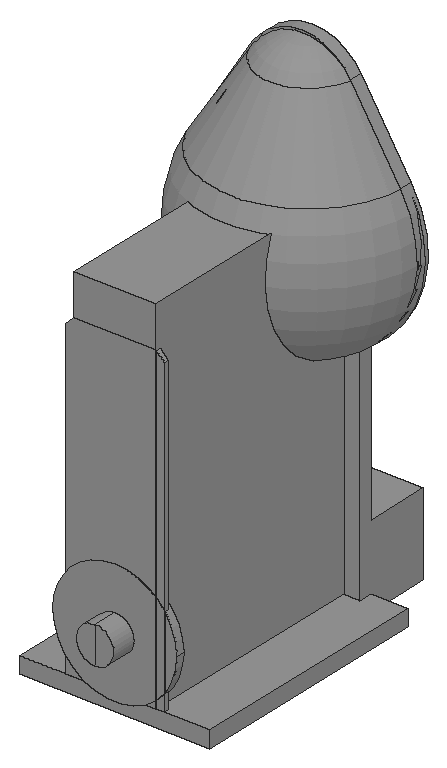
Revit family "Toilet-Willoughby-1490-BS-HET-ETF-FM", category Plumbing Fixtures, host Face, Revit 2014
Parameters (values of type "Standard")
  Waste DIA = 2 1/4"
  Waste Connection = yes
  W-RAD [instance] = Waste DIA / 2  # 0' - 1 1/8"
  Vent Connection = no
  URL = "www.willoughby-ind.com"
  Type Comments = ""
  Revision = "A"
  Model = "ETF-1490-BS-HET-FM"
  Manufacturer = "Willoughby Industries"
  HW Connection = no
  Flush inlet DIA = 1 1/2"
  Fixture Body = Stainless Steel AISI 304-Willoughby
  F-RAD [instance] = Flush inlet DIA / 2  # 0' - 0 3/4"
  Description = "Floor Mounted Toilet"
  Default Elevation = 0' - 0"
  Contact Number = "(800) 428-4065"
  CW Connection = yes
Reference planes (in)
  plane 1 "Base": y = -16.25
  plane 2: z = 0
  plane 3 "Center": x = 18.31072
  plane 4 "Waste height": y = -4.75
  plane 5: y = -1.25
  plane 6: z = -6.75
  plane 7: y = -2.125
  plane 8: y = -14.0625
  plane 9: y = 0.5
  plane 10: x = 16.56072
  plane 11: x = 20.06072
  plane 12: x = 11.56072
  plane 13: x = 25.06072
  plane 14: z = 23
  plane 15: z = 30.75
  plane 16: x = 15.81072
  plane 17: x = 20.81072
  plane 18: x = 15.81072
  plane 19: x = 20.81072
  plane 20: z = 4.25
  plane 21: x = 12.56072
  plane 22: x = 24.06072
  plane 23: y = 2.75
Forms (in)
  Extrusion 1, solid, material "Stainless Steel AISI 304-Willoughby" <- "Fixture Body"
    sketch origin (16.08109, 7.47968, -2.20225) x (-1, 0, 0) y (0, 0, -1)
      loop
        line (1.29775, -16.80087) -> (1.29775, -3.20225) -> (-5.72963, -3.20225) -> (-5.72963, -16.81676)
        arc (-5.72963, -16.81676) -> (-8.98136, -21.11843) -> (-8.21015, -26.45542) r 7
        line (-8.21015, -26.45542) -> (-5.16818, -31.31054)
        arc (-5.16818, -31.31054) -> (-2.20225, -32.95225) -> (0.76368, -31.31054) r 3.5
        line (0.76368, -31.31054) -> (3.80565, -26.45542)
        arc (3.80565, -26.45542) -> (4.5729, -21.10311) -> (1.29775, -16.80087) r 7
      loop
        arc (2.03989, -24.70557) -> (-2.20225, -18.23804) -> (-6.44438, -24.70557) r 4.625
        line (-6.44438, -24.70557) -> (-4.04125, -30.23842)
        arc (-4.04125, -30.23842) -> (-2.20225, -31.45225) -> (-0.36324, -30.23842) r 2
        line (-0.36324, -30.23842) -> (2.03989, -24.70557)
    from 8.72968 to 9.5
  Revolve 2, solid, material "Stainless Steel AISI 304-Willoughby" <- "Fixture Body"
    sketch origin (19.37246, -1.52032, 1.00169) x (-1, 0, 0) y (0, 0, -1)
      loop
        line (1.06174, -12.59906) -> (1.06174, -12.84906)
        arc (1.06174, -12.84906) -> (6.91177, -17.54136) -> (5.58904, -24.92315) r 7.34171
        line (5.58904, -24.92315) -> (3.81535, -27.91457)
        arc (3.81535, -27.91457) -> (2.63527, -29.03194) -> (1.06174, -29.43826) r 3.25
        line (1.06174, -29.43826) -> (1.06174, -29.68826)
        arc (1.06174, -29.68826) -> (2.75672, -29.25045) -> (4.02767, -28.04656) r 3.5
        line (4.02767, -28.04656) -> (7.06964, -23.19143)
        arc (7.06964, -23.19143) -> (7.15052, -16.14555) -> (1.06174, -12.59906) r 7
      axis (1.06174, -12.59906) -> (1.06174, -29.68826)
    angle from 0 to -180
  Extrusion 3, solid, material "Stainless Steel AISI 304-Willoughby" <- "Fixture Body"
    sketch origin (19.53334, -3.02032, -4.9508) x (0, 1, 0) y (0, 0, 1)
      loop
        line (-4.42257, 4.9508) -> (1.02643, 4.9508) -> (1.02643, 18.97156)
        arc (1.02643, 18.97156) -> (-2.31062, 20.32275) -> (-4.42257, 23.23845) r 6.52287
        line (-4.42257, 23.23845) -> (-4.42257, 4.9508)
    from 1.27686 to -3.72262
  Extrusion 4, solid, material "Stainless Steel AISI 304-Willoughby" <- "Fixture Body"
    sketch origin (18.31072, 0, -1) x (0, 1, 0) y (0, 0, 1)
      loop
        line (-1.25, 1) -> (2.75, 1) -> (2.75, 6) -> (-1.25, 6) -> (-1.25, 1)
    from -3.52738 to 3.5
  Extrusion 5, solid, material "Stainless Steel AISI 304-Willoughby" <- "Fixture Body"
    sketch origin (0, 0, 0) x (1, 0, 0) y (0, 1, 0)
      loop
        circle (18.31072, 0.5) r 0.75
    from -2.46088 to 1
  Extrusion 6, solid, material "Stainless Steel AISI 304-Willoughby" <- "Fixture Body"
    sketch origin (0, -16.25, 0) x (1, 0, 0) y (0, 0, 1)
      loop
        line (24.06072, 0) -> (24.06072, 1) -> (12.56072, 1) -> (12.56072, 0) -> (24.06072, 0)
    from -15 to 0
  Extrusion 7, solid, material "Stainless Steel AISI 304-Willoughby" <- "Fixture Body"
    sketch origin (0, -16.25, 0) x (1, 0, 0) y (0, 0, 1)
      loop
        line (20.81072, 0) -> (20.81072, 23) -> (15.81072, 23) -> (15.81072, 0) -> (20.81072, 0)
    from 0 to -8.80711
  Revolve 8, solid, material "Stainless Steel AISI 304-Willoughby" <- "Fixture Body"
    sketch origin (18.31072, 0, 0) x (0, 1, 0) y (0, 0, 1)
      loop
        line (-17.75, 4.25) -> (-14.75, 4.25) -> (-14.75, 5.375) -> (-17.75, 5.375) -> (-17.75, 4.25)
      axis (-14.75, 4.25) -> (-17.75, 4.25)
    angle from 0 to 360
  Extrusion 9, solid, material "Stainless Steel AISI 304-Willoughby" <- "Fixture Body"
    sketch origin (0, -16.25, 0) x (1, 0, 0) y (0, 0, 1)
      loop
        circle (18.31072, 4.25) r 3.75
    from 0 to -0.5
  Extrusion 10, solid, material "Stainless Steel AISI 304-Willoughby" <- "Fixture Body"
    sketch origin (0, -16.25, 0) x (1, 0, 0) y (0, 0, 1)
      loop
        line (20.81072, 1) -> (21.31072, 1) -> (21.31072, 20) -> (20.81072, 20.5) -> (15.81072, 20.5) -> (15.31072, 20) -> (15.31072, 1) -> (15.81072, 1) -> (20.81072, 1)
    from 0 to -0.25
Cuts and joins
  joined: Extrusion 1, Extrusion 3, Extrusion 4, Extrusion 6, Extrusion 7
Lines and regions (in)
  symbolic lines
    curve 1: line (11.28334, -2.02032, 0) -> (11.28334, -1.25, 0)
    curve 2: line (11.28334, -1.25, 0) -> (25.28334, -1.25, 0)
    curve 3: line (25.28334, -1.25, 0) -> (25.28334, -2.02032, 0)
    curve 4: arc (25.28334, -2.02032, 0) -> (23.08023, -6.64742, 0) -> (18.31072, -8.52239, 0) r 6.97935
    curve 5: arc (18.31072, -8.52239, 0) -> (13.52631, -6.64474, 0) -> (11.28334, -2.02032, 0) r 7.05911
    curve 6: line (14.78334, -1.25, 0) -> (14.78334, 2.75, 0)
    curve 7: line (14.78334, 2.75, 0) -> (21.81072, 2.75, 0)
    curve 8: line (21.81072, 2.75, 0) -> (21.81072, -1.25, 0)
    curve 9: line (24.06072, -5.51283, 0) -> (24.06072, -16.25, 0)
    curve 10: line (24.06072, -16.25, 0) -> (12.56072, -16.25, 0)
    curve 11: line (12.56072, -16.25, 0) -> (12.56072, -5.54455, 0)
    curve 12: line (15.81072, -8.0612, 0) -> (15.81072, -16.25, 0)
    curve 13: line (20.81072, -8.06296, 0) -> (20.81072, -16.25, 0)
    curve 14: line (20.81072, -15.75, 0) -> (22.06072, -15.75, 0)
    curve 15: line (22.06072, -15.75, 0) -> (22.06072, -16.25, 0)
    curve 16: line (15.81072, -15.75, 0) -> (14.56072, -15.75, 0)
    curve 17: line (14.56072, -15.75, 0) -> (14.56072, -16.25, 0)
    curve 18: line (12.56072, -16.25, 0) -> (24.06072, -16.25, 0)
    curve 19: line (24.06072, -16.25, 0) -> (24.06072, -16.25, 1)
    curve 20: line (24.06072, -16.25, 1) -> (21.81072, -16.25, 1)
    curve 21: line (21.81072, -16.25, 1) -> (21.81072, -16.25, 14.61451)
    curve 22: arc (21.81072, -16.25, 14.61451) -> (25.08081, -16.25, 18.91146) -> (24.29124, -16.25, 24.25317) r 6.95555
    curve 23: line (24.29124, -16.25, 24.25317) -> (21.24927, -16.25, 29.1083)
    curve 24: arc (21.24927, -16.25, 29.1083) -> (18.28334, -16.25, 30.75) -> (15.31741, -16.25, 29.1083) r 3.5
    curve 25: line (15.31741, -16.25, 29.1083) -> (12.34391, -16.25, 24.26096)
    curve 26: arc (12.34391, -16.25, 24.26096) -> (11.52805, -16.25, 18.91587) -> (14.78334, -16.25, 14.59862) r 6.9627
    curve 27: line (14.78334, -16.25, 14.59862) -> (14.78334, -16.25, 1)
    curve 28: line (14.78334, -16.25, 1) -> (12.56072, -16.25, 1)
    curve 29: line (12.56072, -16.25, 1) -> (12.56072, -16.25, 0)
    curve 37: line (18.31072, -16.25, 0) -> (18.31072, 2.75, 0)
    curve 38: line (18.31072, 2.75, 0) -> (18.31072, 2.75, 5)
    curve 39: line (18.31072, 2.75, 5) -> (18.31072, -1.25, 5)
    curve 40: line (18.31072, -1.25, 5) -> (18.31072, -1.25, 30.75)
    curve 41: line (18.31072, -1.25, 30.75) -> (18.31072, -2.02032, 30.75)
    curve 42: arc (18.31072, -2.02032, 30.75) -> (18.31072, -3.4903, 30.1181) -> (18.31072, -4.54553, 28.91533) r 3.62821
    curve 43: line (18.31072, -4.54553, 28.91533) -> (18.31072, -7.52822, 24.19312)
    curve 44: arc (18.31072, -7.52822, 24.19312) -> (18.31072, -7.8519, 23.61251) -> (18.31072, -8.11014, 23) r 6.06988
    curve 45: line (18.31072, -7.58737, 23) -> (18.31072, -16.25, 23)
    curve 46: line (18.31072, -16.25, 23) -> (18.31072, -16.25, 0)
    curve 47: line (18.31072, -16.25, 1) -> (18.31072, -2.02032, 1)
    curve 48: line (18.31072, -2.02032, 1) -> (18.31072, -2.02032, 14.59862)
    curve 49: line (18.31072, -2.02032, 14.59862) -> (18.31072, -1.25, 14.59862)
    curve 50: arc (18.31072, -2.02032, 14.0236) -> (18.31072, -5.85436, 15.74338) -> (18.31072, -7.96548, 19.37664) r 6.85765
    curve 51: arc (18.31072, -7.96548, 19.37664) -> (18.31072, -8.06783, 21.21873) -> (18.31072, -7.58737, 23) r 5.80874
  symbolic lines, detail levels medium+fine
    curve 30: line (21.81072, -16.25, 5) -> (14.78334, -16.25, 5)
  symbolic lines, detail levels fine
    curve 31: arc (14.78334, -16.25, 5.52282) -> (14.56072, -16.25, 4.25) -> (14.78334, -16.25, 2.97718) r 3.75
    curve 32: arc (21.81072, -16.25, 2.90371) -> (22.06072, -16.25, 4.25) -> (21.81072, -16.25, 5.59629) r 3.75
    curve 33: arc (22.52547, -16.25, 22.50332) -> (18.28334, -16.25, 16.0358) -> (14.0412, -16.25, 22.50332) r 4.625
    curve 34: line (14.0412, -16.25, 22.50332) -> (16.44433, -16.25, 28.03617)
    curve 35: arc (16.44433, -16.25, 28.03617) -> (18.28334, -16.25, 29.2424) -> (20.12234, -16.25, 28.03617) r 2.00498
    curve 36: line (20.12234, -16.25, 28.03617) -> (22.52547, -16.25, 22.50332)
Dimensions and locks (in)
  plane 1 "Base" to plane 4 "Waste height" = 0' - 11 1/2"
  plane 1 "Base" to plane 5 = 1' - 3"
  locked: plane 1 "Base" to plane 9 at 16.75
  level to plane 15 = 2' - 6 3/4"
  plane 21 to plane 22 = 0' - 11 1/2"  (x2)
  plane 13 to plane 22 = 0' - 1"
  plane 18 to plane 19 = 0' - 5"
  "F-RAD": radius of Extrusion 5 sketch curve
  aligned and locked: plane 2 to host face
  aligned and locked: level to host face
  aligned and locked: plane 9 to Extrusion 5 sketch curve
  aligned and locked: plane 3 "Center" to Extrusion 5 sketch curve
  aligned and locked: Revolve 8 sketch curve to Revolve 8 sketch curve  (x2)
Automatic sketch dimensions
  host sketch curve to host sketch curve = 4' - 6.8949"
  host sketch curve to host sketch curve = 3' - 5.11225"
  Extrusion 1 sketch curve to Extrusion 1 sketch curve = 0' - 0"  (x8)
  level to Extrusion 1 sketch curve = 0' - 1"
  plane 3 "Center" to Extrusion 1 sketch curve = 0' - 5.98052"
  Extrusion 1 sketch curve to Extrusion 1 sketch curve = 0' - 1.76576"  (x2)
  plane 3 "Center" to Extrusion 1 sketch curve = 0' - 3 1/2"
  plane 3 "Center" to Extrusion 1 sketch curve = 0' - 2.93855"
  Extrusion 1 sketch curve to Extrusion 1 sketch curve = 0' - 1.12693"  (x2)
  Extrusion 1 sketch curve to plane 3 "Center" = 0' - 0.02738"  (x2)
  Extrusion 1 sketch curve to plane 3 "Center" = 0' - 1.86639"
  Extrusion 1 sketch curve to plane 3 "Center" = 0' - 3.52738"
  Extrusion 1 sketch curve to plane 3 "Center" = 0' - 4 69/256"
  Extrusion 1 sketch curve to Extrusion 1 sketch curve = 1' - 1.59862"
  Extrusion 1 sketch curve to Extrusion 1 sketch curve = 0' - 0.01589"
  Extrusion 1 sketch curve to Extrusion 1 sketch curve = 0' - 6.06218"
  Extrusion 1 sketch curve to Extrusion 1 sketch curve = 0' - 1.74985"
  Extrusion 1 sketch curve to Extrusion 1 sketch curve = 0' - 4.74668"
  Extrusion 1 sketch curve to Extrusion 1 sketch curve = 0' - 0.78617"
  Extrusion 1 sketch curve to Extrusion 1 sketch curve = 0' - 1.07212"
  Extrusion 4 sketch curve to level = 0' - 0"
  Extrusion 4 sketch curve to plane 5 = 0' - 0"
  Extrusion 4 sketch curve to plane 9 = 0' - 2 1/4"
  level to Extrusion 4 sketch curve = 0' - 5"
  Extrusion 6 sketch curve to level = 0' - 0"
  level to Extrusion 6 sketch curve = 0' - 1"
  plane 12 to Extrusion 6 sketch curve = 0' - 1"
  Extrusion 6 sketch curve to plane 13 = 0' - 1"
  Extrusion 7 sketch curve to level = 0' - 0"
  Extrusion 7 sketch curve to plane 10 = 0' - 0 3/4"
  plane 11 to Extrusion 7 sketch curve = 0' - 0 3/4"
  Extrusion 7 sketch curve to plane 14 = 0' - 0"
  Extrusion 3 sketch curve to level = 0' - 0"
  plane 4 "Waste height" to Extrusion 3 sketch curve = 0' - 2.69289"
  plane 7 to Extrusion 3 sketch curve = 0' - 0.13111"
  plane 5 to Extrusion 3 sketch curve = 0' - 0.05941"
  Extrusion 3 sketch curve to plane 14 = 0' - 2.49238"
  Extrusion 3 sketch curve to Extrusion 3 sketch curve = 0' - 6.48686"
  Revolve 8 sketch curve to plane 20 = 0' - 0"
  plane 1 "Base" to Revolve 8 sketch curve = 0' - 1 1/2"
  plane 8 to Revolve 8 sketch curve = 0' - 0 11/16"
  plane 20 to Revolve 8 sketch curve = 0' - 1 1/8"
  Revolve 8 sketch curve to Revolve 8 sketch curve = 0' - 0"
  Revolve 2 sketch curve to plane 3 "Center" = 0' - 0"  (x3)
  plane 3 "Center" to Revolve 2 sketch curve = 0' - 0"
  Revolve 2 sketch curve to plane 11 = 0' - 0.72567"
  plane 18 to Revolve 2 sketch curve = 0' - 0.25361"
  Revolve 2 sketch curve to Revolve 2 sketch curve = 0' - 0.21232"
  plane 12 to Revolve 2 sketch curve = 0' - 0.7421"
  Revolve 2 sketch curve to plane 15 = 0' - 0.06005"
  Revolve 2 sketch curve to Revolve 2 sketch curve = 0' - 0 1/4"  (x2)
  Revolve 2 sketch curve to plane 15 = 0' - 1.70176"
  Revolve 2 sketch curve to Revolve 2 sketch curve = 0' - 0.13199"
  plane 14 to Revolve 2 sketch curve = 0' - 1.19312"
  Revolve 2 sketch curve to plane 14 = 0' - 1.87935"
  Revolve 2 sketch curve to Revolve 2 sketch curve = 0' - 0.51991"
  plane 18 to Revolve 2 sketch curve = 0' - 2.0273"
  plane 14 to Revolve 2 sketch curve = 0' - 0.93995"
  Revolve 2 sketch curve to Revolve 2 sketch curve = 0' - 2.4108"
  Extrusion 9 sketch curve to plane 3 "Center" = 0' - 0"
  Extrusion 9 sketch curve to plane 20 = 0' - 0"
  plane 18 to Extrusion 10 sketch curve = 0' - 0"  (x2)
  plane 19 to Extrusion 10 sketch curve = 0' - 0"  (x2)
  Extrusion 10 sketch curve to Extrusion 10 sketch curve = 0' - 0 1/2"  (x3)
  Extrusion 10 sketch curve to plane 19 = 0' - 0 1/2"
  level to Extrusion 10 sketch curve = 0' - 1"
  Extrusion 10 sketch curve to plane 14 = 0' - 3"
  plane 5 to curve 1 = 0' - 0"
  curve 10 to plane 21 = 0' - 0"
  plane 1 "Base" to curve 17 = 0' - 0"
  curve 6 to plane 23 = 0' - 0"
  curve 12 to plane 18 = 0' - 0"
  curve 5 to plane 3 "Center" = 0' - 0"
  curve 4 to plane 3 "Center" = 0' - 0"
  curve 13 to plane 19 = 0' - 0"
  curve 9 to plane 22 = 0' - 0"
  curve 2 to plane 12 = 0' - 0.27738"
  plane 18 to curve 6 = 0' - 1.02738"
  plane 3 "Center" to curve 4 = 0' - 0.0096"
  plane 3 "Center" to curve 5 = 0' - 0.00971"
  curve 8 to plane 19 = 0' - 1"
  curve 15 to plane 1 "Base" = 0' - 0 1/2"
  curve 14 to curve 15 = 0' - 1 1/4"
  curve 8 to curve 3 = 0' - 3.47262"
  plane 7 to curve 3 = 0' - 0.10468"
  plane 7 to curve 1 = 0' - 0.10468"
  plane 18 to curve 17 = 0' - 1 1/4"
  curve 17 to curve 17 = 0' - 0 1/2"
  curve 31 to curve 32 = 0' - 0"  (x2)
  plane 21 to curve 28 = 0' - 0"
  curve 31 to plane 3 "Center" = 0' - 0"
  curve 19 to level = 0' - 0"
  plane 22 to curve 19 = 0' - 0"
  curve 32 to plane 20 = 0' - 0"
  plane 21 to curve 25 = 0' - 0.21681"
  curve 34 to plane 14 = 0' - 0.49668"
  curve 34 to plane 21 = 0' - 1 123/256"
  plane 18 to curve 27 = 0' - 1.02738"
  plane 18 to curve 25 = 0' - 0.49331"
  curve 34 to plane 10 = 0' - 0.11639"
  curve 26 to plane 3 "Center" = 0' - 0.0318"
  curve 33 to plane 3 "Center" = 0' - 0.02738"
  curve 35 to plane 3 "Center" = 0' - 0.02738"
  curve 24 to curve 35 = 0' - 0"
  plane 3 "Center" to curve 22 = 0' - 0.03402"
  curve 23 to plane 19 = 0' - 0.43855"
  curve 21 to plane 19 = 0' - 1"
  curve 23 to plane 22 = 0' - 0.23052"
  level to curve 20 = 0' - 1"
  level to curve 29 = 0' - 1"
  curve 27 to curve 34 = 0' - 7.9047"
  curve 26 to curve 21 = 0' - 0.01589"
  curve 26 to plane 14 = 0' - 2.37975"
  curve 26 to curve 22 = 0' - 0.02474"
  curve 26 to curve 33 = 0' - 0.04055"
  curve 35 to plane 15 = 0' - 3.51258"
  curve 35 to curve 24 = 0' - 0.01258"
  curve 24 to curve 34 = 0' - 0.78617"
  curve 34 to curve 25 = 0' - 1.07212"
  plane 11 to curve 36 = 0' - 0.06162"
  curve 36 to plane 14 = 0' - 0.49668"
  curve 32 to plane 20 = 0' - 1.34629"
  curve 31 to plane 20 = 0' - 1.27282"
  curve 30 to curve 32 = 0' - 0.59629"
  curve 47 to plane 1 "Base" = 0' - 0"
  curve 44 to plane 14 = 0' - 0"
  curve 41 to plane 15 = 0' - 0"
  curve 39 to plane 5 = 0' - 0"
  curve 38 to level = 0' - 0"
  curve 38 to plane 23 = 0' - 0"
  plane 14 to curve 43 = 0' - 1.19312"
  plane 4 "Waste height" to curve 43 = 0' - 2.77822"
  curve 43 to plane 4 "Waste height" = 0' - 0.20447"
  curve 44 to plane 7 = 0' - 0.27133"
  curve 51 to plane 7 = 0' - 0.16546"
  plane 7 to curve 49 = 0' - 0.10468"
  plane 7 to curve 41 = 0' - 0.10468"
  plane 5 to curve 42 = 0' - 0.10769"
  plane 5 to curve 50 = 0' - 0.01569"
  level to curve 48 = 0' - 1"
  plane 20 to curve 40 = 0' - 0 3/4"
  curve 51 to plane 14 = 0' - 2.38416"
  curve 51 to curve 50 = 0' - 0.22377"
  curve 51 to curve 44 = 0' - 0.33582"
  curve 42 to curve 40 = 0' - 3.56718"
  curve 51 to curve 50 = 0' - 0"
  curve 44 to curve 51 = 0' - 0.52278"
  curve 50 to curve 48 = 0' - 0.57502"
  radius of Extrusion 9 sketch curve = 0' - 3 3/4"
Connectors (in)
  piping at (18.31072, 0.5, 1), diameter 1.5, driven by "F-RAD", driven by "CW Connection"
    settings: on Extrusion 5, index 2, connector inside diameter 1 1/2", connector length 0' - 0", flow factor 0, pipe flow 0 GPM, pressure drop 0.00 psi, fitting loss kfactor 0, connector angle 0.00°, fixture units 0, engagement length 0' - 0", angle of deflection 0.00°, flow configuration 0, flow direction 1, fitting loss method 0, system type 20, joint type 0, gender type 0, connector reference index -1, connector utility 1, adjustable connector no, is connector primary yes, connector description "Flush Inlet"
  piping at (18.31072, -17.75, 4.25), diameter 2.25, driven by "W-RAD", driven by "Waste Connection"
    settings: on Revolve 8, index 4, connector inside diameter 24", connector length 0' - 0", flow factor 0, pipe flow 0 GPM, pressure drop 0.00 psi, fitting loss kfactor 0, connector angle 0.00°, fixture units 0, engagement length 0' - 0", angle of deflection 0.00°, flow configuration 0, flow direction 2, fitting loss method 0, system type 16, joint type 0, gender type 0, connector reference index -1, connector utility 1, adjustable connector no, is connector primary no, connector description "Toilet Waste"
